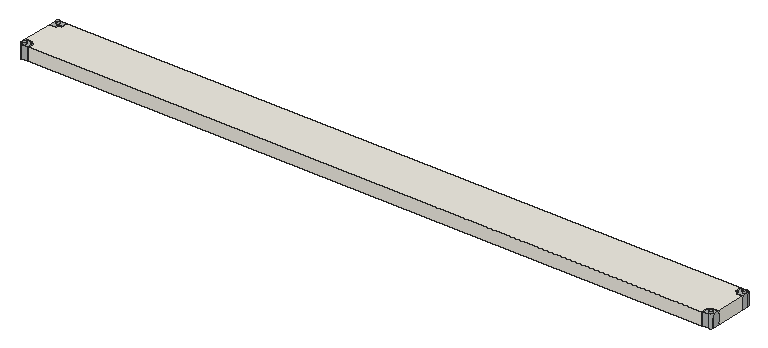
Revit family "HIGHTECH", category Осветительные приборы, Revit 2019 (continued)
Types (32, lengths in mm): name | Файл фотометрической сетки | built-in parameter 1150105 | Lumens | built-in parameter 1150106 | built-in parameter 1150142 | Wattage | Emit from Rectangle Width | Emit from Rectangle Length | Длина | Ширина | ADSK_Ток | ADSK_Полная мощность | ADSK_Обозначение | ADSK_Номинальная мощность | ADSK_Наименование | ADSK_Масса | ADSK_Код изделия
  Hightech-38/opal-sand 595х595 (IP40, 4000К, белый) c БАП на 1 час | "Светильник HIGHTECH-38 OPAL-SAND-(595x595).IES" | 302.39 (stored number, unit not read) | 3800 lm | 3.0239 (stored number, unit not read) | "IESNA:LM-63-95\r\n[TEST] Протокол № 50-13\r\n[DATA] 17.06.2016\r\n[MORE] \r\n[MANUFAC] ЗАО \"Центрстройсвет\"\r\n[LUMCAT]  Светильник HIGHTECH-38/OPAL-SAND-(595x595)\r\n[LUMINAIRE]\r\n[LAMPCAT] Светодиоды\r\n[LAMP] Поток источника света (светодиодов) не известен\r\n[MORE] КСС приведена в абсолютных величинах кд\r\n[MORE] Вместо потока лампы, указан поток светильника.\r\nTILT=NONE\r\n1    3750 1.0 37 73 1 2 0.595 0.595 0.04\r\n1.0 1.0 38.7\r\n0.0 5.0 10.0 15.0 20.0 25.0 30.0 35.0 40.0 45.0 50.0 55.0 60.0 65.0 70.0 75.0 80.0 85.0 90.0 95.0 100.0 105.0 110.0 115.0 120.0 125.0 130.0 135.0 140.0 145.0 150.0 155.0 160.0 165.0 170.0 175.0 180.0\r\n0.0 5.0 10.0 15.0 20.0 25.0 30.0 35.0 40.0 45.0 50.0 55.0 60.0 65.0 70.0 75.0 80.0 85.0 90.0 95.0 100.0 105.0 110.0 115.0 120.0 125.0 130.0 135.0 140.0 145.0 150.0 155.0 160.0 165.0 170.0 175.0 180.0 185.0 190.0 195.0 200.0 205.0 210.0 215.0 220.0 225.0 230.0 235.0 240.0 245.0 250.0 255.0 260.0 265.0 270.0 275.0 280.0 285.0 290.0 295.0 300.0 305.0 310.0 315.0 320.0 325.0 330.0 335.0 340.0 345.0 350.0 355.0 360.0\r\n1391.4 1390.6 1365.7 1330.6 1277.5 1214.9 1147.5 1059.6 967.6 873.2 772.4 664.9 556.3 449.1 342.7 240.6 147.1 64.2 4.7 0.0 0.0 0.0 0.0 0.0 0.0 0.0 0.0 0.0 0.0 0.0 0.0 0.0 0.0 0.0 0.0 0.0 0.0\r\n1391.4 1390.5 1367.8 1332.7 1284.3 1221.3 1147.0 1062.1 969.2 872.4 773.2 666.3 557.1 450.1 343.8 241.9 146.9 64.7 5.2 0.0 0.0 0.0 0.0 0.0 0.0 0.0 0.0 0.0 0.0 0.0 0.0 0.0 0.0 0.0 0.0 0.0 0.0\r\n1391.4 1390.2 1372.0 1333.3 1277.3 1216.8 1144.5 1057.4 969.6 875.1 773.8 669.5 560.0 454.6 345.8 242.4 148.5 65.8 5.4 0.0 0.0 0.0 0.0 0.0 0.0 0.0 0.0 0.0 0.0 0.0 0.0 0.0 0.0 0.0 0.0 0.0 0.0\r\n1391.4 1389.8 1371.2 1330.7 1279.5 1220.5 1148.3 1059.9 967.7 873.2 767.5 666.8 561.4 453.0 347.1 243.7 149.9 65.6 5.8 0.0 0.0 0.0 0.0 0.0 0.0 0.0 0.0 0.0 0.0 0.0 0.0 0.0 0.0 0.0 0.0 0.0 0.0\r\n1391.4 1389.8 1368.3 1329.3 1285.0 1214.6 1141.1 1058.7 971.8 871.3 775.2 666.9 559.4 452.6 345.8 242.5 150.0 65.8 6.1 0.0 0.0 0.0 0.0 0.0 0.0 0.0 0.0 0.0 0.0 0.0 0.0 0.0 0.0 0.0 0.0 0.0 0.0\r\n1391.4 1390.5 1367.3 1332.3 1281.7 1219.0 1142.8 1064.6 970.5 874.4 772.1 667.5 560.2 453.0 346.2 241.8 149.4 65.7 5.6 0.0 0.0 0.0 0.0 0.0 0.0 0.0 0.0 0.0 0.0 0.0 0.0 0.0 0.0 0.0 0.0 0.0 0.0\r\n1391.4 1391.4 1368.1 1333.5 1277.3 1215.7 1139.0 1059.6 968.1 872.4 771.6 667.4 558.8 453.3 344.3 243.9 148.4 65.7 5.4 0.0 0.0 0.0 0.0 0.0 0.0 0.0 0.0 0.0 0.0 0.0 0.0 0.0 0.0 0.0 0.0 0.0 0.0\r\n1391.4 1391.7 1368.1 1330.4 1278.2 1213.9 1142.4 1061.6 967.4 875.1 772.0 669.3 561.1 452.5 345.2 242.1 148.3 65.4 5.5 0.0 0.0 0.0 0.0 0.0 0.0 0.0 0.0 0.0 0.0 0.0 0.0 0.0 0.0 0.0 0.0 0.0 0.0\r\n1391.4 1391.5 1371.0 1328.4 1278.5 1216.7 1142.1 1061.2 971.8 874.7 772.1 668.9 560.8 452.9 345.4 243.3 147.7 66.0 5.4 0.0 0.0 0.0 0.0 0.0 0.0 0.0 0.0 0.0 0.0 0.0 0.0 0.0 0.0 0.0 0.0 0.0 0.0\r\n1391.4 1391.5 1373.2 1330.5 1277.3 1215.5 1143.2 1063.6 967.0 872.7 772.2 669.4 558.9 453.2 346.6 241.9 148.1 65.2 5.5 0.0 0.0 0.0 0.0 0.0 0.0 0.0 0.0 0.0 0.0 0.0 0.0 0.0 0.0 0.0 0.0 0.0 0.0\r\n1391.4 1391.4 1369.7 1328.3 1281.3 1216.0 1139.8 1057.9 968.7 875.3 773.9 667.6 561.8 454.0 344.0 243.1 147.2 65.6 5.5 0.0 0.0 0.0 0.0 0.0 0.0 0.0 0.0 0.0 0.0 0.0 0.0 0.0 0.0 0.0 0.0 0.0 0.0\r\n1391.4 1390.5 1367.9 1330.1 1278.1 1218.1 1138.9 1061.0 970.0 871.8 770.4 669.3 560.2 453.4 346.9 242.1 148.3 65.2 5.2 0.0 0.0 0.0 0.0 0.0 0.0 0.0 0.0 0.0 0.0 0.0 0.0 0.0 0.0 0.0 0.0 0.0 0.0\r\n1391.4 1389.3 1368.2 1329.1 1280.8 1214.4 1142.5 1059.2 967.2 874.3 772.4 668.0 563.1 452.3 345.7 242.8 146.8 64.9 5.1 0.0 0.0 0.0 0.0 0.0 0.0 0.0 0.0 0.0 0.0 0.0 0.0 0.0 0.0 0.0 0.0 0.0 0.0\r\n1391.4 1388.6 1367.4 1327.8 1278.0 1215.7 1141.0 1061.0 971.5 877.3 771.2 667.3 561.5 453.0 346.4 242.4 146.3 64.8 5.2 0.0 0.0 0.0 0.0 0.0 0.0 0.0 0.0 0.0 0.0 0.0 0.0 0.0 0.0 0.0 0.0 0.0 0.0\r\n1391.4 1388.0 1367.6 1326.7 1278.3 1218.0 1140.9 1061.5 968.4 873.4 770.1 666.6 562.1 454.6 344.8 241.8 146.4 64.0 5.5 0.0 0.0 0.0 0.0 0.0 0.0 0.0 0.0 0.0 0.0 0.0 0.0 0.0 0.0 0.0 0.0 0.0 0.0\r\n1391.4 1387.2 1366.1 1331.0 1281.4 1216.3 1142.7 1059.1 969.4 871.5 772.2 667.3 560.5 453.0 344.4 242.2 146.4 63.8 5.6 0.0 0.0 0.0 0.0 0.0 0.0 0.0 0.0 0.0 0.0 0.0 0.0 0.0 0.0 0.0 0.0 0.0 0.0\r\n1391.4 1387.1 1366.3 1328.7 1276.9 1214.5 1141.2 1059.3 968.4 874.3 775.5 668.3 562.5 454.9 346.4 241.3 146.2 63.5 5.7 0.0 0.0 0.0 0.0 0.0 0.0 0.0 0.0 0.0 0.0 0.0 0.0 0.0 0.0 0.0 0.0 0.0 0.0\r\n1391.4 1388.4 1366.0 1329.7 1279.2 1217.9 1140.0 1060.5 969.0 873.9 772.0 671.3 560.4 453.2 343.7 241.7 145.8 63.7 5.4 0.0 0.0 0.0 0.0 0.0 0.0 0.0 0.0 0.0 0.0 0.0 0.0 0.0 0.0 0.0 0.0 0.0 0.0\r\n1391.4 1389.6 1367.7 1329.3 1277.2 1211.1 1140.1 1061.0 971.0 871.2 769.2 669.1 561.5 453.1 343.3 241.9 145.8 63.4 5.2 0.0 0.0 0.0 0.0 0.0 0.0 0.0 0.0 0.0 0.0 0.0 0.0 0.0 0.0 0.0 0.0 0.0 0.0\r\n1391.4 1388.8 1366.9 1327.1 1279.4 1214.2 1142.5 1056.4 970.7 870.3 771.0 665.1 560.4 453.3 343.8 241.1 145.7 63.4 5.2 0.0 0.0 0.0 0.0 0.0 0.0 0.0 0.0 0.0 0.0 0.0 0.0 0.0 0.0 0.0 0.0 0.0 0.0\r\n1391.4 1387.2 1365.8 1328.9 1276.6 1210.2 1141.4 1059.3 966.6 871.4 770.5 667.4 559.2 451.4 344.2 241.0 145.6 63.2 5.1 0.0 0.0 0.0 0.0 0.0 0.0 0.0 0.0 0.0 0.0 0.0 0.0 0.0 0.0 0.0 0.0 0.0 0.0\r\n1391.4 1386.8 1364.4 1329.8 1279.4 1213.7 1144.0 1059.0 965.3 873.7 768.8 668.9 559.4 449.5 342.6 241.5 144.6 63.4 5.0 0.0 0.0 0.0 0.0 0.0 0.0 0.0 0.0 0.0 0.0 0.0 0.0 0.0 0.0 0.0 0.0 0.0 0.0\r\n1391.4 1388.1 1365.8 1328.1 1273.8 1213.4 1137.9 1059.2 967.3 869.2 769.3 667.7 558.4 451.4 344.0 240.6 145.7 63.4 4.9 0.0 0.0 0.0 0.0 0.0 0.0 0.0 0.0 0.0 0.0 0.0 0.0 0.0 0.0 0.0 0.0 0.0 0.0\r\n1391.4 1389.2 1364.4 1323.2 1276.3 1213.8 1137.6 1055.3 963.1 871.0 767.7 664.1 559.7 447.1 342.4 240.1 145.2 63.9 5.1 0.0 0.0 0.0 0.0 0.0 0.0 0.0 0.0 0.0 0.0 0.0 0.0 0.0 0.0 0.0 0.0 0.0 0.0\r\n1391.4 1388.4 1362.3 1326.8 1274.4 1212.2 1137.9 1054.7 966.7 867.9 768.7 663.4 557.3 449.2 343.3 240.0 145.7 63.6 5.0 0.0 0.0 0.0 0.0 0.0 0.0 0.0 0.0 0.0 0.0 0.0 0.0 0.0 0.0 0.0 0.0 0.0 0.0\r\n1391.4 1386.2 1361.8 1326.5 1273.3 1211.2 1134.5 1048.6 964.3 866.3 767.8 662.9 556.7 449.5 341.9 239.8 145.7 63.7 5.0 0.0 0.0 0.0 0.0 0.0 0.0 0.0 0.0 0.0 0.0 0.0 0.0 0.0 0.0 0.0 0.0 0.0 0.0\r\n1391.4 1384.4 1363.5 1324.4 1272.0 1209.5 1137.2 1053.0 960.2 867.5 767.9 662.7 556.7 449.2 342.5 239.1 146.2 63.8 4.8 0.0 0.0 0.0 0.0 0.0 0.0 0.0 0.0 0.0 0.0 0.0 0.0 0.0 0.0 0.0 0.0 0.0 0.0\r\n1391.4 1383.7 1362.4 1324.4 1274.0 1209.5 1134.4 1050.1 965.4 864.9 764.6 662.3 556.6 447.9 340.5 240.3 145.5 64.6 4.6 0.0 0.0 0.0 0.0 0.0 0.0 0.0 0.0 0.0 0.0 0.0 0.0 0.0 0.0 0.0 0.0 0.0 0.0\r\n1391.4 1384.4 1361.9 1326.9 1270.2 1207.3 1132.7 1050.1 959.7 867.7 763.1 662.2 555.0 447.3 343.0 238.3 145.8 63.9 4.7 0.0 0.0 0.0 0.0 0.0 0.0 0.0 0.0 0.0 0.0 0.0 0.0 0.0 0.0 0.0 0.0 0.0 0.0\r\n1391.4 1385.1 1363.0 1320.0 1270.4 1207.9 1134.4 1055.0 963.5 867.3 766.7 660.7 555.9 450.1 342.6 240.2 145.9 64.3 4.9 0.0 0.0 0.0 0.0 0.0 0.0 0.0 0.0 0.0 0.0 0.0 0.0 0.0 0.0 0.0 0.0 0.0 0.0\r\n1391.4 1384.9 1362.3 1321.4 1273.1 1208.0 1135.4 1052.3 961.9 865.0 764.0 660.8 553.5 447.6 341.2 240.3 146.1 63.8 4.8 0.0 0.0 0.0 0.0 0.0 0.0 0.0 0.0 0.0 0.0 0.0 0.0 0.0 0.0 0.0 0.0 0.0 0.0\r\n1391.4 1383.8 1361.2 1322.1 1265.1 1211.5 1132.8 1049.3 961.3 863.4 764.0 661.0 550.7 447.9 341.0 240.1 146.2 63.8 4.6 0.0 0.0 0.0 0.0 0.0 0.0 0.0 0.0 0.0 0.0 0.0 0.0 0.0 0.0 0.0 0.0 0.0 0.0\r\n1391.4 1382.8 1359.3 1321.5 1269.3 1206.8 1132.8 1051.1 958.3 863.2 763.1 662.7 553.4 448.0 340.4 240.0 145.8 63.8 4.0 0.0 0.0 0.0 0.0 0.0 0.0 0.0 0.0 0.0 0.0 0.0 0.0 0.0 0.0 0.0 0.0 0.0 0.0\r\n1391.4 1382.6 1359.0 1319.6 1268.1 1204.3 1129.8 1049.0 957.7 861.8 761.7 658.4 554.2 446.1 340.4 239.0 145.6 63.8 3.8 0.0 0.0 0.0 0.0 0.0 0.0 0.0 0.0 0.0 0.0 0.0 0.0 0.0 0.0 0.0 0.0 0.0 0.0\r\n1391.4 1382.8 1358.5 1315.8 1266.5 1202.1 1128.5 1049.2 957.6 860.0 762.1 658.2 549.9 443.8 339.6 238.4 145.7 63.6 3.7 0.0 0.0 0.0 0.0 0.0 0.0 0.0 0.0 0.0 0.0 0.0 0.0 0.0 0.0 0.0 0.0 0.0 0.0\r\n1391.4 1382.2 1360.5 1319.2 1265.9 1204.5 1129.9 1046.9 955.0 862.9 758.9 657.9 552.5 444.9 338.9 238.8 145.3 63.6 3.3 0.0 0.0 0.0 0.0 0.0 0.0 0.0 0.0 0.0 0.0 0.0 0.0 0.0 0.0 0.0 0.0 0.0 0.0\r\n1391.4 1381.1 1361.2 1321.0 1268.1 1203.8 1128.8 1047.4 955.6 863.7 761.1 656.4 551.5 445.2 339.2 238.5 144.7 62.5 3.5 0.0 0.0 0.0 0.0 0.0 0.0 0.0 0.0 0.0 0.0 0.0 0.0 0.0 0.0 0.0 0.0 0.0 0.0\r\n1391.4 1380.6 1359.0 1316.4 1268.5 1204.0 1126.1 1049.5 956.2 859.6 759.7 656.5 549.2 444.3 338.4 236.1 143.8 61.6 3.2 0.0 0.0 0.0 0.0 0.0 0.0 0.0 0.0 0.0 0.0 0.0 0.0 0.0 0.0 0.0 0.0 0.0 0.0\r\n1391.4 1380.7 1356.6 1316.0 1267.0 1205.6 1130.3 1044.8 956.9 856.7 759.3 653.5 548.1 441.9 335.3 235.4 141.4 60.3 2.9 0.0 0.0 0.0 0.0 0.0 0.0 0.0 0.0 0.0 0.0 0.0 0.0 0.0 0.0 0.0 0.0 0.0 0.0\r\n1391.4 1380.4 1354.4 1317.9 1268.8 1199.0 1129.0 1044.0 956.9 860.6 758.3 656.9 549.1 442.0 334.4 236.1 141.7 60.5 2.6 0.0 0.0 0.0 0.0 0.0 0.0 0.0 0.0 0.0 0.0 0.0 0.0 0.0 0.0 0.0 0.0 0.0 0.0\r\n1391.4 1380.1 1356.7 1322.1 1264.6 1201.7 1129.9 1047.4 957.2 859.7 758.2 656.1 549.4 442.8 335.3 235.8 141.3 60.6 2.3 0.0 0.0 0.0 0.0 0.0 0.0 0.0 0.0 0.0 0.0 0.0 0.0 0.0 0.0 0.0 0.0 0.0 0.0\r\n1391.4 1379.9 1357.3 1317.5 1265.9 1207.8 1129.2 1046.5 955.7 860.2 758.6 656.9 550.7 441.9 335.4 233.9 140.6 60.2 2.4 0.0 0.0 0.0 0.0 0.0 0.0 0.0 0.0 0.0 0.0 0.0 0.0 0.0 0.0 0.0 0.0 0.0 0.0\r\n1391.4 1379.2 1355.5 1314.6 1269.3 1203.7 1133.5 1044.8 957.2 857.9 762.0 656.6 548.7 440.4 335.9 234.5 140.4 59.8 2.8 0.0 0.0 0.0 0.0 0.0 0.0 0.0 0.0 0.0 0.0 0.0 0.0 0.0 0.0 0.0 0.0 0.0 0.0\r\n1391.4 1377.9 1357.1 1319.2 1271.9 1204.4 1128.6 1050.2 953.1 856.9 757.6 653.7 548.9 439.9 335.4 232.4 140.5 59.2 3.0 0.0 0.0 0.0 0.0 0.0 0.0 0.0 0.0 0.0 0.0 0.0 0.0 0.0 0.0 0.0 0.0 0.0 0.0\r\n1391.4 1377.2 1356.3 1322.9 1266.0 1204.8 1132.2 1049.0 958.1 859.3 759.0 654.6 547.0 441.6 334.9 232.1 139.3 58.8 2.9 0.0 0.0 0.0 0.0 0.0 0.0 0.0 0.0 0.0 0.0 0.0 0.0 0.0 0.0 0.0 0.0 0.0 0.0\r\n1391.4 1377.8 1353.8 1319.7 1269.6 1207.9 1135.8 1049.5 955.8 858.0 762.4 655.9 548.2 441.6 335.6 231.7 139.4 58.8 2.8 0.0 0.0 0.0 0.0 0.0 0.0 0.0 0.0 0.0 0.0 0.0 0.0 0.0 0.0 0.0 0.0 0.0 0.0\r\n1391.4 1378.5 1355.2 1319.8 1267.3 1206.5 1131.2 1046.1 954.6 861.2 756.6 653.8 548.1 440.3 335.0 232.6 138.6 59.0 2.9 0.0 0.0 0.0 0.0 0.0 0.0 0.0 0.0 0.0 0.0 0.0 0.0 0.0 0.0 0.0 0.0 0.0 0.0\r\n1391.4 1378.6 1355.1 1318.3 1269.7 1200.8 1133.1 1049.0 957.6 862.5 762.4 656.9 549.3 443.5 334.7 231.2 138.8 58.1 3.0 0.0 0.0 0.0 0.0 0.0 0.0 0.0 0.0 0.0 0.0 0.0 0.0 0.0 0.0 0.0 0.0 0.0 0.0\r\n1391.4 1378.8 1355.8 1321.7 1268.8 1210.0 1129.0 1048.5 958.8 862.4 762.2 656.4 549.0 441.1 335.4 231.5 138.5 58.1 3.0 0.0 0.0 0.0 0.0 0.0 0.0 0.0 0.0 0.0 0.0 0.0 0.0 0.0 0.0 0.0 0.0 0.0 0.0\r\n1391.4 1379.6 1357.6 1321.7 1269.0 1207.1 1133.9 1047.0 964.1 863.3 761.9 656.4 551.5 440.7 334.9 232.2 137.6 58.1 2.8 0.0 0.0 0.0 0.0 0.0 0.0 0.0 0.0 0.0 0.0 0.0 0.0 0.0 0.0 0.0 0.0 0.0 0.0\r\n1391.4 1380.6 1357.7 1319.2 1272.0 1207.5 1131.3 1054.6 959.0 863.3 764.8 655.9 549.1 443.0 335.1 231.3 138.0 58.1 2.7 0.0 0.0 0.0 0.0 0.0 0.0 0.0 0.0 0.0 0.0 0.0 0.0 0.0 0.0 0.0 0.0 0.0 0.0\r\n1391.4 1381.5 1358.5 1321.9 1271.0 1204.1 1135.9 1055.8 962.5 865.5 761.1 656.9 550.6 442.0 335.3 231.9 137.4 57.9 2.6 0.0 0.0 0.0 0.0 0.0 0.0 0.0 0.0 0.0 0.0 0.0 0.0 0.0 0.0 0.0 0.0 0.0 0.0\r\n1391.4 1381.3 1358.5 1322.3 1270.8 1207.2 1133.7 1051.9 958.0 867.3 767.5 657.0 552.1 442.3 333.6 231.2 137.9 57.8 2.6 0.0 0.0 0.0 0.0 0.0 0.0 0.0 0.0 0.0 0.0 0.0 0.0 0.0 0.0 0.0 0.0 0.0 0.0\r\n1391.4 1380.6 1359.4 1319.7 1270.6 1209.0 1133.0 1052.1 963.9 867.5 764.1 660.0 554.0 443.3 334.8 231.7 137.6 57.8 2.7 0.0 0.0 0.0 0.0 0.0 0.0 0.0 0.0 0.0 0.0 0.0 0.0 0.0 0.0 0.0 0.0 0.0 0.0\r\n1391.4 1381.3 1359.9 1321.3 1270.6 1204.8 1135.0 1051.3 962.1 865.5 761.7 660.3 553.1 443.5 334.1 231.9 137.9 57.8 2.8 0.0 0.0 0.0 0.0 0.0 0.0 0.0 0.0 0.0 0.0 0.0 0.0 0.0 0.0 0.0 0.0 0.0 0.0\r\n1391.4 1383.1 1362.1 1324.8 1273.8 1208.7 1134.8 1055.9 961.8 866.4 762.3 659.7 552.4 443.7 334.4 232.8 138.0 58.0 2.8 0.0 0.0 0.0 0.0 0.0 0.0 0.0 0.0 0.0 0.0 0.0 0.0 0.0 0.0 0.0 0.0 0.0 0.0\r\n1391.4 1384.6 1360.4 1321.7 1272.0 1210.6 1130.9 1052.5 963.1 866.7 767.4 659.3 553.7 444.6 335.4 233.1 138.3 58.0 2.8 0.0 0.0 0.0 0.0 0.0 0.0 0.0 0.0 0.0 0.0 0.0 0.0 0.0 0.0 0.0 0.0 0.0 0.0\r\n1391.4 1385.6 1357.5 1324.7 1273.9 1211.6 1134.3 1052.7 963.6 865.4 763.1 658.7 552.2 444.9 336.9 232.8 138.8 58.6 2.9 0.0 0.0 0.0 0.0 0.0 0.0 0.0 0.0 0.0 0.0 0.0 0.0 0.0 0.0 0.0 0.0 0.0 0.0\r\n1391.4 1386.4 1357.8 1323.4 1273.2 1212.2 1136.3 1054.7 967.5 867.5 764.0 659.4 553.3 443.7 336.8 233.2 138.9 58.5 3.1 0.0 0.0 0.0 0.0 0.0 0.0 0.0 0.0 0.0 0.0 0.0 0.0 0.0 0.0 0.0 0.0 0.0 0.0\r\n1391.4 1386.6 1362.0 1324.9 1273.2 1211.3 1139.0 1049.9 960.3 866.4 768.0 661.3 552.2 443.4 336.3 233.4 139.8 58.9 3.1 0.0 0.0 0.0 0.0 0.0 0.0 0.0 0.0 0.0 0.0 0.0 0.0 0.0 0.0 0.0 0.0 0.0 0.0\r\n1391.4 1386.0 1360.5 1326.0 1271.8 1212.0 1137.2 1059.3 963.5 867.6 766.9 661.2 552.3 445.8 337.8 233.6 141.0 59.2 3.3 0.0 0.0 0.0 0.0 0.0 0.0 0.0 0.0 0.0 0.0 0.0 0.0 0.0 0.0 0.0 0.0 0.0 0.0\r\n1391.4 1385.0 1362.3 1325.1 1272.0 1207.1 1138.5 1053.6 964.5 865.8 766.5 661.6 554.3 445.9 337.0 234.5 140.4 60.2 3.5 0.0 0.0 0.0 0.0 0.0 0.0 0.0 0.0 0.0 0.0 0.0 0.0 0.0 0.0 0.0 0.0 0.0 0.0\r\n1391.4 1384.4 1361.8 1323.6 1274.0 1214.8 1138.9 1053.9 968.0 867.9 769.0 663.8 555.6 446.7 339.6 235.0 141.3 60.4 3.4 0.0 0.0 0.0 0.0 0.0 0.0 0.0 0.0 0.0 0.0 0.0 0.0 0.0 0.0 0.0 0.0 0.0 0.0\r\n1391.4 1385.0 1360.9 1322.2 1272.4 1209.8 1137.2 1055.7 962.7 869.7 769.6 658.2 556.6 447.4 338.5 236.2 142.5 60.7 3.4 0.0 0.0 0.0 0.0 0.0 0.0 0.0 0.0 0.0 0.0 0.0 0.0 0.0 0.0 0.0 0.0 0.0 0.0\r\n1391.4 1386.6 1363.1 1323.6 1272.5 1211.5 1139.2 1058.4 969.9 868.0 768.8 664.6 556.3 445.8 342.1 236.1 142.3 61.2 3.5 0.0 0.0 0.0 0.0 0.0 0.0 0.0 0.0 0.0 0.0 0.0 0.0 0.0 0.0 0.0 0.0 0.0 0.0\r\n1391.4 1388.6 1360.9 1330.2 1273.7 1213.2 1138.7 1058.3 966.2 867.0 766.8 663.4 553.3 447.1 339.2 238.7 143.0 61.4 3.8 0.0 0.0 0.0 0.0 0.0 0.0 0.0 0.0 0.0 0.0 0.0 0.0 0.0 0.0 0.0 0.0 0.0 0.0\r\n1391.4 1389.8 1360.8 1328.4 1276.8 1216.0 1140.1 1055.8 963.1 870.3 768.4 663.1 554.0 449.1 340.1 237.3 144.8 61.7 3.8 0.0 0.0 0.0 0.0 0.0 0.0 0.0 0.0 0.0 0.0 0.0 0.0 0.0 0.0 0.0 0.0 0.0 0.0\r\n1391.4 1389.3 1362.5 1325.9 1278.0 1210.4 1138.2 1054.7 967.8 872.7 770.2 661.9 556.5 446.9 341.3 237.7 144.4 62.5 3.9 0.0 0.0 0.0 0.0 0.0 0.0 0.0 0.0 0.0 0.0 0.0 0.0 0.0 0.0 0.0 0.0 0.0 0.0\r\n1391.4 1387.8 1365.8 1326.6 1274.3 1213.2 1141.4 1053.1 966.2 871.2 768.4 663.7 555.0 447.1 341.3 238.2 144.3 62.7 4.1 0.0 0.0 0.0 0.0 0.0 0.0 0.0 0.0 0.0 0.0 0.0 0.0 0.0 0.0 0.0 0.0 0.0 0.0\r\n1391.4 1387.2 1364.2 1328.3 1274.8 1209.4 1145.0 1060.0 963.9 867.5 766.5 663.4 556.7 448.2 340.9 240.3 144.7 63.3 4.0 0.0 0.0 0.0 0.0 0.0 0.0 0.0 0.0 0.0 0.0 0.0 0.0 0.0 0.0 0.0 0.0 0.0 0.0\r\n1391.4 1388.4 1364.9 1332.6 1279.0 1215.6 1140.9 1056.3 969.3 867.1 770.0 663.8 559.0 449.0 342.4 240.3 145.7 63.3 4.7 0.0 0.0 0.0 0.0 0.0 0.0 0.0 0.0 0.0 0.0 0.0 0.0 0.0 0.0 0.0 0.0 0.0 0.0\r\n1391.4 1390.0 1364.5 1329.3 1281.4 1217.7 1141.3 1063.3 970.3 871.1 768.8 663.5 555.2 449.3 342.4 239.8 146.6 63.3 4.9 0.0 0.0 0.0 0.0 0.0 0.0 0.0 0.0 0.0 0.0 0.0 0.0 0.0 0.0 0.0 0.0 0.0 0.0\r\n1391.4 1390.6 1365.7 1330.6 1277.5 1214.9 1147.5 1059.6 967.6 873.2 772.4 664.9 556.3 449.1 342.7 240.6 147.1 64.2 4.7 0.0 0.0 0.0 0.0 0.0 0.0 0.0 0.0 0.0 0.0 0.0 0.0 0.0 0.0 0.0 0.0 0.0 0.0\r\n" | 25.582 W | 555 | 555 | 595 | 595 | 0.179584 A | 41.3043 VA | "Hightech-38/opal-sand 595х595 (IP40, 4000К, белый)" | 38 W | "Универсальный светодиодный светильник Hightech-38/opal-sand 595х595 (IP40, 4000К, белый) c БАП на 1 час" | 2.5 | "ЦБ000007540"
